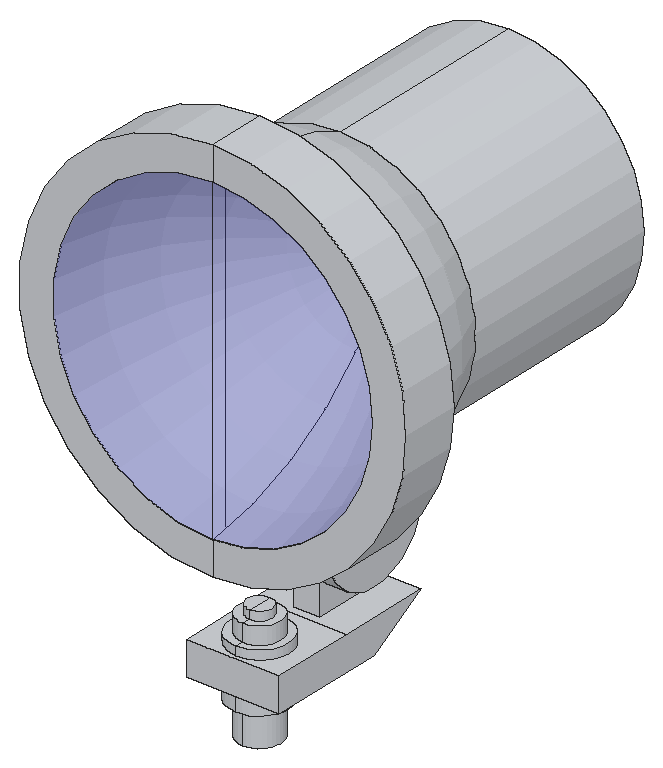
Revit family "77683_HOST_FACE", category Lighting Fixtures, host Face, Revit 2012
Parameters (values of type "Small Scale Floodlights")
  Wattage = 6.93407 W
  built-in parameter 1150110 = 1 (stored number, unit not read)
  URL = "www.bega-us.com"
  built-in parameter 1114217 = 1 (stored number, unit not read)
  Tilt Angle = 90.00°
  built-in parameter 1150109 = 1 (stored number, unit not read)
  built-in parameter 1150134 = 12
  Telephone = "805.684.0533"
  built-in parameter 1150113 = 1 (stored number, unit not read)
  Photometric Web File = "77683.IES"
  Model = "77683"
  Manufacturer = "BEGA-US"
  built-in parameter 1150105 = 81.965 (stored number, unit not read)
  Lumens = 1030 lm
  built-in parameter 1150115 = 1 (stored number, unit not read)
  built-in parameter 1150137 = (empty or 0)
  built-in parameter 1150139 = (empty or 0)
  built-in parameter 1150112 = 1 (stored number, unit not read)
  built-in parameter 1150114 = 1 (stored number, unit not read)
  Lamp = "13W LED"
  built-in parameter 1150132 = 2
  built-in parameter 1150102 = (empty or 0)
  built-in parameter 1150107 = 4000 (stored number, unit not read)
  built-in parameter 1150138 = (empty or 0)
  built-in parameter 1150106 = 0.81965 (stored number, unit not read)
  built-in parameter 1150104 = 13.8 (stored number, unit not read)
  Dimming Lamp Color Temperature Shift = <None>
  Description = "Small Scale Floodlight - LED"
  Default Elevation = 0' - 0"
  Color Filter = 16777215
  built-in parameter 1114218 = 1 (stored number, unit not read)
  built-in parameter 1150133 = 10 (stored number, unit not read)
Types (3): name | Wattage | built-in parameter 1150134 | Photometric Web File | Model | built-in parameter 1150105 | Lumens | Lamp | built-in parameter 1150107 | built-in parameter 1150106 | Description | Default Elevation
  (no name) | 6.93407 W | 12 | "77683.IES" | "77683" | 81.965 (stored number, unit not read) | 1030 lm | "13W LED" | 4000 (stored number, unit not read) | 0.81965 (stored number, unit not read) | "Small Scale Floodlight - LED" | 0' - 0"
  Type 1 | 9.2903 W | 3 | "generic" | 0' - 0" | 109.82 (stored number, unit not read) | 1380 lm | 0' - 0" | 3200 (stored number, unit not read) | 1.0982 (stored number, unit not read) | 0' - 0" | 4' - 0"
  Small Scale Floodlights | 6.93407 W | 12 | "77683.IES" | "77683" | 81.965 (stored number, unit not read) | 1030 lm | "13W LED" | 4000 (stored number, unit not read) | 0.81965 (stored number, unit not read) | "Small Scale Floodlight - LED" | 0' - 0"
Reference planes (in)
  plane 1 "Center (Front/Back)": y = 0
  plane 2: z = 0
  plane 3 "Center (Left/Right)": x = 0
Forms (in)
  Extrusion 1, solid
    sketch origin (0, -0.75, -0.26263) x (0, 1, 0) y (0, 0, 1)
      loop
        circle (0, 2.625) r 0.875
    from -0.5 to 0.5
  Revolve 2, solid
    sketch origin (0, 0, 0.11237) x (0, 1, 0) y (0, 0, 1)
      loop
        line (-3.125, 8.125) -> (-3.125, 7.625)
        arc (-3.125, 7.625) -> (-1.33426, 7.0139) -> (0, 5.67228) r 4.15625
        line (0, 5.67228) -> (0, 5.25) -> (2.5, 5.25)
        arc (2.5, 5.25) -> (2.48303, 6.25285) -> (2.375, 7.25) r 11.02701
        line (2.375, 7.25) -> (-0.75, 7.25)
        arc (-0.75, 7.25) -> (-1.47692, 7.52983) -> (-2.25, 7.625) r 3.1875
        line (-2.25, 7.625) -> (-2.25, 8.125) -> (-3.125, 8.125)
      axis (2.5, 5.25) -> (-3.125, 5.25)
    angle from 0 to 360
  Revolve 3, solid, material "Glass"
    sketch origin (0, 0, 0.11237) x (0, 1, 0) y (0, 0, 1)
      loop
        line (-3.125, 7.625) -> (-3.125, 5.25) -> (-2.875, 5.25) -> (-2.875, 7.625) -> (-3.125, 7.625)
      axis (-2.875, 5.25) -> (-3.125, 5.25)
    angle from 0 to 360
  Extrusion 4, solid
    sketch origin (0, 0, 0.11237) x (0, 1, 0) y (0, 0, 1)
      loop
        line (-1, 0.63763) -> (-0.125, 1.13763) -> (-1.5, 1.13763) -> (-2.75, 1.13763) -> (-2.75, 0.63763) -> (-1, 0.63763)
    from -0.6875 to 0.6875
  Extrusion 5, solid
    sketch origin (0, 0, 0.11237) x (0, 1, 0) y (0, 0, 1)
      loop
        line (-0.125, 1.13763) -> (-0.125, 2.13763) -> (-1.125, 2.13763) -> (-1.375, 2.13763) -> (-1.375, 1.13763) -> (-0.125, 1.13763)
    from -0.1875 to 0.1875
  Revolve 6, solid
    sketch origin (0, 0, 0.11237) x (0, 1, 0) y (0, 0, 1)
      loop
        line (-2.6875, 0.63763) -> (-2.6875, 0.38763) -> (-2.5625, 0.38763) -> (-2.5625, -0.11237) -> (-2.375, -0.11237) -> (-2.25, -0.11237) -> (-2.25, 1.63763) -> (-2.4375, 1.63763) -> (-2.4375, 1.51263) -> (-2.5625, 1.51263) -> (-2.5625, 1.26263) -> (-2.6875, 1.26263) -> (-2.6875, 0.63763)
      axis (-2.25, 1.63763) -> (-2.25, -0.11237)
    angle from 0 to 360
Dimensions and locks (in)
  aligned and locked: plane 2 to host face
  aligned and locked: level to host face
Connectors (in)
  electrical at (0, 0, 0)
    settings: on host face, index 1, voltage 0 V, apparent load 0 VA, apparent load phase1 0 VA, apparent load phase2 0 VA, apparent load phase3 0 VA, power factor 1, load classification "Other", number of poles 1, system type 31, power factor state 1, is connector primary yes, connector utility no, sub classification motor no, connector description ""
